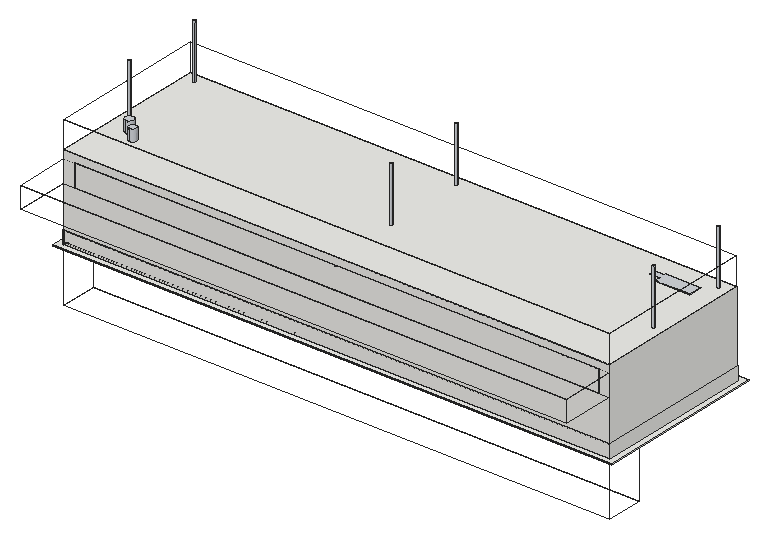
Revit family "AIRTECNICS_AIR CURTAIN_RECESSED DAM_DX-VRF_(MITSUBISHI ELECTRIC)123", category Equipos mecánicos, Revit 2016 (continued)
Types (23, lengths in mm): name | Weight | Product Size | Product Reference | Product Heating | Product Description | Power Fans | Noise Level (dB(A)) | Mainfolds | M | Length | Heating Capacity | Gas Coil Volume | G | External Ut. Reference | Expansion Valve | Dn_Metric_Refrig_Liquid | Dn_Metric_Refrig_Gas | DX VRF | DX Kit | DX Coil Rows = 4 | DX Coil Rows = 3 | DX Coil Rows | DX 1:1 | Current Fans | L | CT | CR | CM | CH | CDX | Apparent Load | Airflow
  RDAM ECG 2000 DX24-ME | 105.00 kg | "2000" | "RDAM ECG 2000 DX24-ME" | "Direct Expansion 1:1 system" | "Compact and low profile recessed air curtain with full grille view and energy savings heat pump: Up to 70% reduction in costs and CO2 emissions (heating mode).\r\nSelf-supporting casing construction made of galvanized steel plate, ready to be installed recessed in a false ceiling. \r\nInlet grille (free of maintenance) made with aluminium profiles and blow-out nozzle, integrated in a single white frame colour RAL 9016. Other colours are available on request. \r\nDouble-inlet centrifugal fans driven by an external rotor motor and low noise level. 5-speed selector. EC models assembled with very low consumption efficiency fans. \r\nIncludes only heating direct expansion coil with installed temperature sensors. Under request it can be modified to work in cooling and heating mode (not recomended) with optional condensate water pump.\r\nPlug&Play control panel CS-5DX-NE slave DX with 5 speeds selector and 7m telephone cable included.\r\nReady to connect to MITSUBISHI ELECTRIC Standard and Power Inverter outdoor heat pump unit (R410A) with expansion valve, not included, the customer should purchase it.\r\nRequires PAC-IF012B-E MITSUBISHI ELECTRIC DX Interface KIT adapted for air curtain and PAR-33MAA programmable control, please consult.\r\nAir Volume: 4380 m3/h \r\nFans:  0,426 kW  3,72 A 230Vx1 50/60Hz\r\nHeating capacity: 23,63 kW\r\nDimensions: 627x310x2048 mm (depth, height, length)\r\nNOT SUPPLIED BY AIRTÈCNICS:\r\nPAC-IF012B-E Interface DX kit and PAR-33MAA programmable control.\r\nExternal unit:\r\n PUHZ-ZRP250YKAExternal unit with direct expansion valve Mitsubishi Electric, triple phase motor 400Vx3 50Hz.\r\nHeating capacity 27kW. Heating power: 8,94kW. COP 3,75.\r\nCooling capacity 22kW. Cooling power 8,31kW. EER 2,65.\r\nCooling circuits 1\" - 1/2\".\r\nMaximum length 100m.\r\nMaximum slope 30m." | 0.426 kW | 63 | "1\" & 1/2" | no | 2048.0 | 23.63 kW | 4.10 L | yes | "PUHZ-ZRP250YKA" | "Included on External Unit" | 15 | 25 | no | "PAC-IF012B-E" | yes | no | 4 | yes | 3.72 A | 2000.0 | 8 | 2 | 12 | 2 | 1 | 852 VA | 4380 m³/h
  RDAM ECG 2000 DX22-ME | 105.00 kg | "2000" | "RDAM ECG 2000 DX22-ME" | "Direct Expansion 1:1 system" | "Compact and low profile recessed air curtain with full grille view and energy savings heat pump: Up to 70% reduction in costs and CO2 emissions (heating mode).\r\nSelf-supporting casing construction made of galvanized steel plate, ready to be installed recessed in a false ceiling. \r\nInlet grille (free of maintenance) made with aluminium profiles and blow-out nozzle, integrated in a single white frame colour RAL 9016. Other colours are available on request. \r\nDouble-inlet centrifugal fans driven by an external rotor motor and low noise level. 5-speed selector. EC models assembled with very low consumption efficiency fans. \r\nIncludes only heating direct expansion coil with installed temperature sensors. Under request it can be modified to work in cooling and heating mode (not recomended) with optional condensate water pump.\r\nPlug&Play control panel CS-5DX-NE slave DX with 5 speeds selector and 7m telephone cable included.\r\nReady to connect to MITSUBISHI ELECTRIC Standard and Power Inverter outdoor heat pump unit (R410A) with expansion valve, not included, the customer should purchase it.\r\nRequires PAC-IF012B-E MITSUBISHI ELECTRIC DX Interface KIT adapted for air curtain and PAR-33MAA programmable control, please consult.\r\nAir Volume: 4380 m3/h \r\nFans:  0,426 kW  3,72 A 230Vx1 50/60Hz\r\nHeating capacity: 22,40 kW\r\nDimensions: 627x310x2048 mm (depth, height, length)\r\nNOT SUPPLIED BY AIRTÈCNICS:\r\nPAC-IF012B-E Interface DX kit and PAR-33MAA programmable control.\r\nExternal unit:\r\n PUHZ-ZRP200YKAExternal unit with direct expansion valve Mitsubishi Electric, triple phase motor 400Vx3 50Hz.\r\nHeating capacity 22,4kW. Heating power: 6,94kW. COP 3,23.\r\nCooling capacity 19kW. Cooling power 6,46kW. EER 2,94.\r\nCooling circuits 1\" - 3/8\".\r\nMaximum length 100m.\r\nMaximum slope 30m." | 0.426 kW | 63 | "1\" & 3/8" | no | 2048.0 | 22.4 kW | 4.10 L | yes | "PUHZ-ZRP200YKA" | "Included on External Unit" | 10 | 25 | no | "PAC-IF012B-E" | yes | no | 4 | yes | 3.72 A | 2000.0 | 8 | 2 | 12 | 2 | 0 | 568 VA | 4380 m³/h
  RDAM ECG 1500 VRF15-ME | 80.00 kg | "1500" | "RDAM ECG 1500 VRF15-ME" | "Direct Expansion VRF system" | "Compact and low profile recessed air curtain with full grille view and energy savings heat pump: Up to 70% reduction in costs and CO2 emissions (heating mode).\r\nSelf-supporting casing construction made of galvanized steel plate, ready to be installed recessed in a false ceiling. \r\nInlet grille (free of maintenance) made with aluminium profiles and blow-out nozzle, integrated in a single white frame colour RAL 9016. Other colours are available on request. \r\nDouble-inlet centrifugal fans driven by an external rotor motor and low noise level. 5-speed selector. EC models assembled with very low consumption efficiency fans. \r\nIncludes only heating direct expansion coil with installed temperature sensors. Under request it can be modified to work in cooling and heating mode (not recomended) with optional condensate water pump.\r\nPlug&Play control panel CS-5DX-NE slave DX with 5 speeds selector and 7m telephone cable included.\r\nReady to connect to MITSUBISHI ELECTRIC VRF outdoor heat pump unit (R410A), not included, the customer should purchase it.\r\nRequires PAC-AH125M-J MITSUBISHI ELECTRIC VRF Interface KIT adapted for air curtain with expansion valve and  PAR-33MAA programmable control, please consult.\r\nAir Volume: 2920 m3/h \r\nFans:  0,284 kW  2,48 A 230Vx1 50/60Hz\r\nHeating capacity: 15,32 kW\r\nDimensions: 627x310x1548 mm (depth, height, length)\r\nNOT SUPPLIED BY AIRTÈCNICS:\r\nPAC-AH125M-J Interface VRF kit and PAR-33MAA programmable control.\r\nExternal unit VRF." | 0.284 kW | 62 | "5/8 & 3/8" | no | 1548.0 | 15.32 kW | 3.00 L | yes | "Not available" | "Included on DX Kit" | 10 | 16 | yes | "PAC-AH125M-J" | yes | no | 4 | no | 2.48 A | 1500.0 | 4 | 2 | 12 | 4 | 0 | 568 VA | 2920 m³/h
  RDAM ECG 1500 VRF13-ME | 80.00 kg | "1500" | "RDAM ECG 1500 VRF13-ME" | "Direct Expansion VRF system" | "Compact and low profile recessed air curtain with full grille view and energy savings heat pump: Up to 70% reduction in costs and CO2 emissions (heating mode).\r\nSelf-supporting casing construction made of galvanized steel plate, ready to be installed recessed in a false ceiling. \r\nInlet grille (free of maintenance) made with aluminium profiles and blow-out nozzle, integrated in a single white frame colour RAL 9016. Other colours are available on request. \r\nDouble-inlet centrifugal fans driven by an external rotor motor and low noise level. 5-speed selector. EC models assembled with very low consumption efficiency fans. \r\nIncludes only heating direct expansion coil with installed temperature sensors. Under request it can be modified to work in cooling and heating mode (not recomended) with optional condensate water pump.\r\nPlug&Play control panel CS-5DX-NE slave DX with 5 speeds selector and 7m telephone cable included.\r\nReady to connect to MITSUBISHI ELECTRIC VRF outdoor heat pump unit (R410A), not included, the customer should purchase it.\r\nRequires PAC-AH125M-J MITSUBISHI ELECTRIC VRF Interface KIT adapted for air curtain with expansion valve and  PAR-33MAA programmable control, please consult.\r\nAir Volume: 2920 m3/h \r\nFans:  0,284 kW  2,48 A 230Vx1 50/60Hz\r\nHeating capacity: 13,11 kW\r\nDimensions: 627x310x1548 mm (depth, height, length)\r\nNOT SUPPLIED BY AIRTÈCNICS:\r\nPAC-AH125M-J Interface VRF kit and PAR-33MAA programmable control.\r\nExternal unit VRF." | 0.284 kW | 62 | "5/8 & 3/8" | no | 1548.0 | 13.11 kW | 2.20 L | yes | "Not available" | "Included on DX Kit" | 10 | 16 | yes | "PAC-AH125M-J" | no | yes | 3 | no | 2.48 A | 1500.0 | 4 | 4 | 12 | 4 | 0 | 568 VA | 2920 m³/h
  RDAM ECG 1500 DX14-ME | 80.00 kg | "1500" | "RDAM ECG 1500 DX14-ME" | "Direct Expansion 1:1 system" | "Compact and low profile recessed air curtain with full grille view and energy savings heat pump: Up to 70% reduction in costs and CO2 emissions (heating mode).\r\nSelf-supporting casing construction made of galvanized steel plate, ready to be installed recessed in a false ceiling. \r\nInlet grille (free of maintenance) made with aluminium profiles and blow-out nozzle, integrated in a single white frame colour RAL 9016. Other colours are available on request. \r\nDouble-inlet centrifugal fans driven by an external rotor motor and low noise level. 5-speed selector. EC models assembled with very low consumption efficiency fans. \r\nIncludes only heating direct expansion coil with installed temperature sensors. Under request it can be modified to work in cooling and heating mode (not recomended) with optional condensate water pump.\r\nPlug&Play control panel CS-5DX-NE slave DX with 5 speeds selector and 7m telephone cable included.\r\nReady to connect to MITSUBISHI ELECTRIC Standard and Power Inverter outdoor heat pump unit (R410A) with expansion valve, not included, the customer should purchase it.\r\nRequires PAC-IF012B-E MITSUBISHI ELECTRIC DX Interface KIT adapted for air curtain and PAR-33MAA programmable control, please consult.\r\nAir Volume: 2920 m3/h \r\nFans:  0,284 kW  2,48 A 230Vx1 50/60Hz\r\nHeating capacity: 14,00 kW\r\nDimensions: 627x310x1548 mm (depth, height, length)\r\nNOT SUPPLIED BY AIRTÈCNICS:\r\nPAC-IF012B-E Interface DX kit and PAR-33MAA programmable control.\r\nExternal unit:\r\nOption 1: PUHZ-ZRP125VKA\r\nExternal unit with direct expansion valve Mitsubishi Electric, single phase motor 230Vx1 50Hz.\r\nHeating capacity 14kW. Heating power: 3,63kW. COP 3,86.\r\nCooling capacity 12,5kW. Cooling power 4,05kW. EER 3,09.\r\nCooling circuits 5/8\" - 3/8\".\r\nMaximum length 75m.\r\nMaximum slope 30m.\r\nOption 2: PUHZ-ZRP125YKA\r\nExternal unit with direct expansion valve Mitsubishi Electric, triple phase motor 400Vx3 50Hz.\r\nHeating capacity 14kW. Heating power: 3,63kW. COP 3,86.\r\nCooling capacity 12,5kW. Cooling power 4,05kW. EER 3,09.\r\nCooling circuits 5/8\" - 3/8\".\r\nMaximum length 75m.\r\nMaximum slope 30m." | 0.284 kW | 62 | "5/8 & 3/8" | no | 1548.0 | 14 kW | 3.00 L | yes | "PUHZ-ZRP125YKA" | "Included on External Unit" | 10 | 16 | no | "PAC-IF012B-E" | yes | no | 4 | yes | 2.48 A | 1500.0 | 4 | 2 | 12 | 2 | 0 | 568 VA | 2920 m³/h
  RDAM ECG 1000 VRF10-ME | 55.00 kg | "1000" | "RDAM ECG 1000 VRF10-ME" | "Direct Expansion VRF system" | "Compact and low profile recessed air curtain with full grille view and energy savings heat pump: Up to 70% reduction in costs and CO2 emissions (heating mode).\r\nSelf-supporting casing construction made of galvanized steel plate, ready to be installed recessed in a false ceiling. \r\nInlet grille (free of maintenance) made with aluminium profiles and blow-out nozzle, integrated in a single white frame colour RAL 9016. Other colours are available on request. \r\nDouble-inlet centrifugal fans driven by an external rotor motor and low noise level. 5-speed selector. EC models assembled with very low consumption efficiency fans. \r\nIncludes only heating direct expansion coil with installed temperature sensors. Under request it can be modified to work in cooling and heating mode (not recomended) with optional condensate water pump.\r\nPlug&Play control panel CS-5DX-NE slave DX with 5 speeds selector and 7m telephone cable included.\r\nReady to connect to MITSUBISHI ELECTRIC VRF outdoor heat pump unit (R410A), not included, the customer should purchase it.\r\nRequires PAC-AH125M-J MITSUBISHI ELECTRIC VRF Interface KIT adapted for air curtain with expansion valve and  PAR-33MAA programmable control, please consult.\r\nAir Volume: 2190 m3/h \r\nFans:  0,213 kW  1,86 A 230Vx1 50/60Hz\r\nHeating capacity: 9,70 kW\r\nDimensions: 627x310x1048 mm (depth, height, length)\r\nNOT SUPPLIED BY AIRTÈCNICS:\r\nPAC-AH125M-J Interface VRF kit and PAR-33MAA programmable control.\r\nExternal unit VRF." | 0.213 kW | 61 | "5/8 & 3/8" | no | 1048.0 | 9.7 kW | 1.80 L | yes | "Not available" | "Included on DX Kit" | 10 | 16 | yes | "PAC-AH125M-J" | yes | no | 4 | no | 1.86 A | 1000.0 | 2 | 2 | 12 | 4 | 0 | 426 VA | 2190 m³/h
  RDAM ECG 1000 DX10-ME | 55.00 kg | "1000" | "RDAM ECG 1000 DX10-ME" | "Direct Expansion 1:1 system" | "Compact and low profile recessed air curtain with full grille view and energy savings heat pump: Up to 70% reduction in costs and CO2 emissions (heating mode).\r\nSelf-supporting casing construction made of galvanized steel plate, ready to be installed recessed in a false ceiling. \r\nInlet grille (free of maintenance) made with aluminium profiles and blow-out nozzle, integrated in a single white frame colour RAL 9016. Other colours are available on request. \r\nDouble-inlet centrifugal fans driven by an external rotor motor and low noise level. 5-speed selector. EC models assembled with very low consumption efficiency fans. \r\nIncludes only heating direct expansion coil with installed temperature sensors. Under request it can be modified to work in cooling and heating mode (not recomended) with optional condensate water pump.\r\nPlug&Play control panel CS-5DX-NE slave DX with 5 speeds selector and 7m telephone cable included.\r\nReady to connect to MITSUBISHI ELECTRIC Standard and Power Inverter outdoor heat pump unit (R410A) with expansion valve, not included, the customer should purchase it.\r\nRequires PAC-IF012B-E MITSUBISHI ELECTRIC DX Interface KIT adapted for air curtain and PAR-33MAA programmable control, please consult.\r\nAir Volume: 2190 m3/h \r\nFans:  0,213 kW  1,86 A 230Vx1 50/60Hz\r\nHeating capacity: 9,70 kW\r\nDimensions: 627x310x1048 mm (depth, height, length)\r\nNOT SUPPLIED BY AIRTÈCNICS:\r\nPAC-IF012B-E Interface DX kit and PAR-33MAA programmable control.\r\nExternal unit:\r\nOption 1: PUHZ-ZRP100VKA\r\nExternal unit with direct expansion valve Mitsubishi Electric, single phase motor 230Vx1 50Hz.\r\nHeating capacity 11,2kW. Heating power: 2,06kW. SCOP 4,2.\r\nCooling capacity 10kW. Cooling power 2,63kW. SEER 5,6.\r\nCooling circuits 5/8\" - 3/8\".\r\nMaximum length 75m.\r\nMaximum slope 30m.\r\nOption 2: PUHZ-ZRP100YKA\r\nExternal unit with direct expansion valve Mitsubishi Electric, triple phase motor 400Vx3 50Hz.\r\nHeating capacity 11,2kW. Heating power: 2,06kW. SCOP 4,2.\r\nCooling capacity 10kW. Cooling power 2,63kW. SEER 5,5.\r\nCooling circuits 5/8\" - 3/8\".\r\nMaximum length 75m.\r\nMaximum slope 30m." | 0.213 kW | 61 | "5/8 & 3/8" | no | 1048.0 | 9.7 kW | 1.80 L | yes | "PUHZ-ZRP100YKA" | "Included on External Unit" | 10 | 16 | no | "PAC-IF012B-E" | yes | no | 4 | yes | 1.86 A | 1000.0 | 2 | 2 | 12 | 2 | 0 | 426 VA | 2190 m³/h
  RDAM ECM 2500 VRF24-ME | 106.00 kg | "2500" | "RDAM ECM 2500 VRF24-ME" | "Direct Expansion VRF system" | "Compact and low profile recessed air curtain with full grille view and energy savings heat pump: Up to 70% reduction in costs and CO2 emissions (heating mode).\r\nSelf-supporting casing construction made of galvanized steel plate, ready to be installed recessed in a false ceiling. \r\nInlet grille (free of maintenance) made with aluminium profiles and blow-out nozzle, integrated in a single white frame colour RAL 9016. Other colours are available on request. \r\nDouble-inlet centrifugal fans driven by an external rotor motor and low noise level. 5-speed selector. EC models assembled with very low consumption efficiency fans. \r\nIncludes only heating direct expansion coil with installed temperature sensors. Under request it can be modified to work in cooling and heating mode (not recomended) with optional condensate water pump.\r\nPlug&Play control panel CS-5DX-NE slave DX with 5 speeds selector and 7m telephone cable included.\r\nReady to connect to MITSUBISHI ELECTRIC VRF outdoor heat pump unit (R410A), not included, the customer should purchase it.\r\nRequires PAC-AH250M-J MITSUBISHI ELECTRIC VRF Interface KIT adapted for air curtain with expansion valve and  PAR-33MAA programmable control, please consult.\r\nAir Volume: 4100 m3/h \r\nFans:  0,355 kW  3,1 A 230Vx1 50/60Hz\r\nHeating capacity: 24,38 kW\r\nDimensions: 627x310x2548 mm (depth, height, length)\r\nNOT SUPPLIED BY AIRTÈCNICS:\r\nPAC-AH250M-J Interface VRF kit and PAR-33MAA programmable control.\r\nExternal unit VRF." | 0.355 kW | 59 | "1\" & 1/2" | yes | 2548.0 | 24.38 kW | 5.30 L | no | "Not available" | "Included on DX Kit" | 15 | 25 | yes | "PAC-AH250M-J" | yes | no | 4 | no | 3.1 A | 2500.0 | 16 | 2 | 6 | 4 | 0 | 710 VA | 4100 m³/h
  RDAM ECM 2500 VRF21-ME | 106.00 kg | "2500" | "RDAM ECM 2500 VRF21-ME" | "Direct Expansion VRF system" | "Compact and low profile recessed air curtain with full grille view and energy savings heat pump: Up to 70% reduction in costs and CO2 emissions (heating mode).\r\nSelf-supporting casing construction made of galvanized steel plate, ready to be installed recessed in a false ceiling. \r\nInlet grille (free of maintenance) made with aluminium profiles and blow-out nozzle, integrated in a single white frame colour RAL 9016. Other colours are available on request. \r\nDouble-inlet centrifugal fans driven by an external rotor motor and low noise level. 5-speed selector. EC models assembled with very low consumption efficiency fans. \r\nIncludes only heating direct expansion coil with installed temperature sensors. Under request it can be modified to work in cooling and heating mode (not recomended) with optional condensate water pump.\r\nPlug&Play control panel CS-5DX-NE slave DX with 5 speeds selector and 7m telephone cable included.\r\nReady to connect to MITSUBISHI ELECTRIC VRF outdoor heat pump unit (R410A), not included, the customer should purchase it.\r\nRequires PAC-AH250M-J MITSUBISHI ELECTRIC VRF Interface KIT adapted for air curtain with expansion valve and  PAR-33MAA programmable control, please consult.\r\nAir Volume: 4100 m3/h \r\nFans:  0,355 kW  3,1 A 230Vx1 50/60Hz\r\nHeating capacity: 21,20 kW\r\nDimensions: 627x310x2548 mm (depth, height, length)\r\nNOT SUPPLIED BY AIRTÈCNICS:\r\nPAC-AH250M-J Interface VRF kit and PAR-33MAA programmable control.\r\nExternal unit VRF." | 0.355 kW | 59 | "1\" & 3/8" | yes | 2548.0 | 21.2 kW | 3.90 L | no | "Not available" | "Included on DX Kit" | 10 | 25 | yes | "PAC-AH250M-J" | no | yes | 3 | no | 3.1 A | 2500.0 | 16 | 4 | 6 | 4 | 0 | 710 VA | 4100 m³/h
  RDAM ECM 2500 DX24-ME | 106.00 kg | "2500" | "RDAM ECM 2500 DX24-ME" | "Direct Expansion 1:1 system" | "Compact and low profile recessed air curtain with full grille view and energy savings heat pump: Up to 70% reduction in costs and CO2 emissions (heating mode).\r\nSelf-supporting casing construction made of galvanized steel plate, ready to be installed recessed in a false ceiling. \r\nInlet grille (free of maintenance) made with aluminium profiles and blow-out nozzle, integrated in a single white frame colour RAL 9016. Other colours are available on request. \r\nDouble-inlet centrifugal fans driven by an external rotor motor and low noise level. 5-speed selector. EC models assembled with very low consumption efficiency fans. \r\nIncludes only heating direct expansion coil with installed temperature sensors. Under request it can be modified to work in cooling and heating mode (not recomended) with optional condensate water pump.\r\nPlug&Play control panel CS-5DX-NE slave DX with 5 speeds selector and 7m telephone cable included.\r\nReady to connect to MITSUBISHI ELECTRIC Standard and Power Inverter outdoor heat pump unit (R410A) with expansion valve, not included, the customer should purchase it.\r\nRequires PAC-IF012B-E MITSUBISHI ELECTRIC DX Interface KIT adapted for air curtain and PAR-33MAA programmable control, please consult.\r\nAir Volume: 4100 m3/h \r\nFans:  0,355 kW  3,1 A 230Vx1 50/60Hz\r\nHeating capacity: 24,38 kW\r\nDimensions: 627x310x2548 mm (depth, height, length)\r\nNOT SUPPLIED BY AIRTÈCNICS:\r\nPAC-IF012B-E Interface DX kit and PAR-33MAA programmable control.\r\nExternal unit:\r\n PUHZ-ZRP250YKAExternal unit with direct expansion valve Mitsubishi Electric, triple phase motor 400Vx3 50Hz.\r\nHeating capacity 27kW. Heating power: 8,94kW. COP 3,75.\r\nCooling capacity 22kW. Cooling power 8,31kW. EER 2,65.\r\nCooling circuits 1\" - 1/2\".\r\nMaximum length 100m.\r\nMaximum slope 30m." | 0.355 kW | 59 | "1\" & 1/2" | yes | 2548.0 | 24.38 kW | 5.30 L | no | "PUHZ-ZRP250YKA" | "Included on External Unit" | 15 | 25 | no | "PAC-IF012B-E" | yes | no | 4 | yes | 3.1 A | 2500.0 | 16 | 2 | 6 | 2 | 1 | 710 VA | 4100 m³/h
  RDAM ECM 2500 DX22-ME | 106.00 kg | "2500" | "RDAM ECM 2500 DX22-ME" | "Direct Expansion 1:1 system" | "Compact and low profile recessed air curtain with full grille view and energy savings heat pump: Up to 70% reduction in costs and CO2 emissions (heating mode).\r\nSelf-supporting casing construction made of galvanized steel plate, ready to be installed recessed in a false ceiling. \r\nInlet grille (free of maintenance) made with aluminium profiles and blow-out nozzle, integrated in a single white frame colour RAL 9016. Other colours are available on request. \r\nDouble-inlet centrifugal fans driven by an external rotor motor and low noise level. 5-speed selector. EC models assembled with very low consumption efficiency fans. \r\nIncludes only heating direct expansion coil with installed temperature sensors. Under request it can be modified to work in cooling and heating mode (not recomended) with optional condensate water pump.\r\nPlug&Play control panel CS-5DX-NE slave DX with 5 speeds selector and 7m telephone cable included.\r\nReady to connect to MITSUBISHI ELECTRIC Standard and Power Inverter outdoor heat pump unit (R410A) with expansion valve, not included, the customer should purchase it.\r\nRequires PAC-IF012B-E MITSUBISHI ELECTRIC DX Interface KIT adapted for air curtain and PAR-33MAA programmable control, please consult.\r\nAir Volume: 4100 m3/h \r\nFans:  0,355 kW  3,1 A 230Vx1 50/60Hz\r\nHeating capacity: 22,40 kW\r\nDimensions: 627x310x2548 mm (depth, height, length)\r\nNOT SUPPLIED BY AIRTÈCNICS:\r\nPAC-IF012B-E Interface DX kit and PAR-33MAA programmable control.\r\nExternal unit:\r\n PUHZ-ZRP200YKAExternal unit with direct expansion valve Mitsubishi Electric, triple phase motor 400Vx3 50Hz.\r\nHeating capacity 22,4kW. Heating power: 6,94kW. COP 3,23.\r\nCooling capacity 19kW. Cooling power 6,46kW. EER 2,94.\r\nCooling circuits 1\" - 3/8\".\r\nMaximum length 100m.\r\nMaximum slope 30m." | 0.355 kW | 59 | "1\" & 3/8" | yes | 2548.0 | 22.4 kW | 5.30 L | no | "PUHZ-ZRP200YKA" | "Included on External Unit" | 10 | 25 | no | "PAC-IF012B-E" | yes | no | 4 | yes | 3.1 A | 2500.0 | 16 | 2 | 6 | 2 | 0 | 710 VA | 4100 m³/h
  RDAM ECM 2000 VRF19-ME | 95.00 kg | "2000" | "RDAM ECM 2000 VRF19-ME" | "Direct Expansion VRF system" | "Compact and low profile recessed air curtain with full grille view and energy savings heat pump: Up to 70% reduction in costs and CO2 emissions (heating mode).\r\nSelf-supporting casing construction made of galvanized steel plate, ready to be installed recessed in a false ceiling. \r\nInlet grille (free of maintenance) made with aluminium profiles and blow-out nozzle, integrated in a single white frame colour RAL 9016. Other colours are available on request. \r\nDouble-inlet centrifugal fans driven by an external rotor motor and low noise level. 5-speed selector. EC models assembled with very low consumption efficiency fans. \r\nIncludes only heating direct expansion coil with installed temperature sensors. Under request it can be modified to work in cooling and heating mode (not recomended) with optional condensate water pump.\r\nPlug&Play control panel CS-5DX-NE slave DX with 5 speeds selector and 7m telephone cable included.\r\nReady to connect to MITSUBISHI ELECTRIC VRF outdoor heat pump unit (R410A), not included, the customer should purchase it.\r\nRequires PAC-AH250M-J MITSUBISHI ELECTRIC VRF Interface KIT adapted for air curtain with expansion valve and  PAR-33MAA programmable control, please consult.\r\nAir Volume: 3280 m3/h \r\nFans:  0,284 kW  2,48 A 230Vx1 50/60Hz\r\nHeating capacity: 18,96 kW\r\nDimensions: 627x310x2048 mm (depth, height, length)\r\nNOT SUPPLIED BY AIRTÈCNICS:\r\nPAC-AH250M-J Interface VRF kit and PAR-33MAA programmable control.\r\nExternal unit VRF." | 0.284 kW | 58 | "1\" & 3/8" | yes | 2048.0 | 18.96 kW | 4.10 L | no | "Not available" | "Included on DX Kit" | 10 | 25 | yes | "PAC-AH250M-J" | yes | no | 4 | no | 2.48 A | 2000.0 | 8 | 2 | 6 | 4 | 0 | 568 VA | 3280 m³/h
  RDAM ECM 2000 VRF16-ME | 95.00 kg | "2000" | "RDAM ECM 2000 VRF16-ME" | "Direct Expansion VRF system" | "Compact and low profile recessed air curtain with full grille view and energy savings heat pump: Up to 70% reduction in costs and CO2 emissions (heating mode).\r\nSelf-supporting casing construction made of galvanized steel plate, ready to be installed recessed in a false ceiling. \r\nInlet grille (free of maintenance) made with aluminium profiles and blow-out nozzle, integrated in a single white frame colour RAL 9016. Other colours are available on request. \r\nDouble-inlet centrifugal fans driven by an external rotor motor and low noise level. 5-speed selector. EC models assembled with very low consumption efficiency fans. \r\nIncludes only heating direct expansion coil with installed temperature sensors. Under request it can be modified to work in cooling and heating mode (not recomended) with optional condensate water pump.\r\nPlug&Play control panel CS-5DX-NE slave DX with 5 speeds selector and 7m telephone cable included.\r\nReady to connect to MITSUBISHI ELECTRIC VRF outdoor heat pump unit (R410A), not included, the customer should purchase it.\r\nRequires PAC-AH125M-J MITSUBISHI ELECTRIC VRF Interface KIT adapted for air curtain with expansion valve and  PAR-33MAA programmable control, please consult.\r\nAir Volume: 3280 m3/h \r\nFans:  0,284 kW  2,48 A 230Vx1 50/60Hz\r\nHeating capacity: 16,44 kW\r\nDimensions: 627x310x2048 mm (depth, height, length)\r\nNOT SUPPLIED BY AIRTÈCNICS:\r\nPAC-AH125M-J Interface VRF kit and PAR-33MAA programmable control.\r\nExternal unit VRF." | 0.284 kW | 58 | "5/8 & 3/8" | yes | 2048.0 | 16.44 kW | 3.10 L | no | "Not available" | "Included on DX Kit" | 10 | 16 | yes | "PAC-AH125M-J" | no | yes | 3 | no | 2.48 A | 2000.0 | 8 | 4 | 6 | 4 | 0 | 568 VA | 3280 m³/h
  RDAM ECM 2000 DX16-ME | 95.00 kg | "2000" | "RDAM ECM 2000 DX16-ME" | "Direct Expansion 1:1 system" | "Compact and low profile recessed air curtain with full grille view and energy savings heat pump: Up to 70% reduction in costs and CO2 emissions (heating mode).\r\nSelf-supporting casing construction made of galvanized steel plate, ready to be installed recessed in a false ceiling. \r\nInlet grille (free of maintenance) made with aluminium profiles and blow-out nozzle, integrated in a single white frame colour RAL 9016. Other colours are available on request. \r\nDouble-inlet centrifugal fans driven by an external rotor motor and low noise level. 5-speed selector. EC models assembled with very low consumption efficiency fans. \r\nIncludes only heating direct expansion coil with installed temperature sensors. Under request it can be modified to work in cooling and heating mode (not recomended) with optional condensate water pump.\r\nPlug&Play control panel CS-5DX-NE slave DX with 5 speeds selector and 7m telephone cable included.\r\nReady to connect to MITSUBISHI ELECTRIC Standard and Power Inverter outdoor heat pump unit (R410A) with expansion valve, not included, the customer should purchase it.\r\nRequires PAC-IF012B-E MITSUBISHI ELECTRIC DX Interface KIT adapted for air curtain and PAR-33MAA programmable control, please consult.\r\nAir Volume: 3280 m3/h \r\nFans:  0,284 kW  2,48 A 230Vx1 50/60Hz\r\nHeating capacity: 16,00 kW\r\nDimensions: 627x310x2048 mm (depth, height, length)\r\nNOT SUPPLIED BY AIRTÈCNICS:\r\nPAC-IF012B-E Interface DX kit and PAR-33MAA programmable control.\r\nExternal unit:\r\nOption 1: PUHZ-ZRP140VKA\r\nExternal unit with direct expansion valve Mitsubishi Electric, single phase motor 230Vx1 50Hz.\r\nHeating capacity 16kW. Heating power: 4,2kW. COP 3,81.\r\nCooling capacity 13,4kW. Cooling power 4,36kW. EER 3,07.\r\nCooling circuits 5/8\" - 3/8\".\r\nMaximum length 75m.\r\nMaximum slope 30m.\r\nOption 2: PUHZ-ZRP140YKA\r\nExternal unit with direct expansion valve Mitsubishi Electric, triple phase motor 400Vx3 50Hz.\r\nHeating capacity 16kW. Heating power: 4,2kW. COP 3,81.\r\nCooling capacity 13,4kW. Cooling power 4,36kW. EER 3,07.\r\nCooling circuits 5/8\" - 3/8\".\r\nMaximum length 75m.\r\nMaximum slope 30m." | 0.284 kW | 58 | "5/8 & 3/8" | yes | 2048.0 | 16 kW | 3.10 L | no | "PUHZ-ZRP140YKA" | "Included on External Unit" | 10 | 16 | no | "PAC-IF012B-E" | no | yes | 3 | yes | 2.48 A | 2000.0 | 8 | 4 | 6 | 2 | 0 | 568 VA | 3280 m³/h
  RDAM ECM 1500 VRF12-ME | 74.00 kg | "1500" | "RDAM ECM 1500 VRF12-ME" | "Direct Expansion VRF system" | "Compact and low profile recessed air curtain with full grille view and energy savings heat pump: Up to 70% reduction in costs and CO2 emissions (heating mode).\r\nSelf-supporting casing construction made of galvanized steel plate, ready to be installed recessed in a false ceiling. \r\nInlet grille (free of maintenance) made with aluminium profiles and blow-out nozzle, integrated in a single white frame colour RAL 9016. Other colours are available on request. \r\nDouble-inlet centrifugal fans driven by an external rotor motor and low noise level. 5-speed selector. EC models assembled with very low consumption efficiency fans. \r\nIncludes only heating direct expansion coil with installed temperature sensors. Under request it can be modified to work in cooling and heating mode (not recomended) with optional condensate water pump.\r\nPlug&Play control panel CS-5DX-NE slave DX with 5 speeds selector and 7m telephone cable included.\r\nReady to connect to MITSUBISHI ELECTRIC VRF outdoor heat pump unit (R410A), not included, the customer should purchase it.\r\nRequires PAC-AH125M-J MITSUBISHI ELECTRIC VRF Interface KIT adapted for air curtain with expansion valve and  PAR-33MAA programmable control, please consult.\r\nAir Volume: 2460 m3/h \r\nFans:  0,213 kW  1,86 A 230Vx1 50/60Hz\r\nHeating capacity: 11,61 kW\r\nDimensions: 627x310x1548 mm (depth, height, length)\r\nNOT SUPPLIED BY AIRTÈCNICS:\r\nPAC-AH125M-J Interface VRF kit and PAR-33MAA programmable control.\r\nExternal unit VRF." | 0.213 kW | 57 | "5/8 & 3/8" | yes | 1548.0 | 11.61 kW | 2.20 L | no | "Not available" | "Included on DX Kit" | 10 | 16 | yes | "PAC-AH125M-J" | no | yes | 3 | no | 1.86 A | 1500.0 | 4 | 4 | 6 | 4 | 0 | 426 VA | 2460 m³/h
  RDAM ECM 1500 DX13-ME | 74.00 kg | "1500" | "RDAM ECM 1500 DX13-ME" | "Direct Expansion 1:1 system" | "Compact and low profile recessed air curtain with full grille view and energy savings heat pump: Up to 70% reduction in costs and CO2 emissions (heating mode).\r\nSelf-supporting casing construction made of galvanized steel plate, ready to be installed recessed in a false ceiling. \r\nInlet grille (free of maintenance) made with aluminium profiles and blow-out nozzle, integrated in a single white frame colour RAL 9016. Other colours are available on request. \r\nDouble-inlet centrifugal fans driven by an external rotor motor and low noise level. 5-speed selector. EC models assembled with very low consumption efficiency fans. \r\nIncludes only heating direct expansion coil with installed temperature sensors. Under request it can be modified to work in cooling and heating mode (not recomended) with optional condensate water pump.\r\nPlug&Play control panel CS-5DX-NE slave DX with 5 speeds selector and 7m telephone cable included.\r\nReady to connect to MITSUBISHI ELECTRIC Standard and Power Inverter outdoor heat pump unit (R410A) with expansion valve, not included, the customer should purchase it.\r\nRequires PAC-IF012B-E MITSUBISHI ELECTRIC DX Interface KIT adapted for air curtain and PAR-33MAA programmable control, please consult.\r\nAir Volume: 2460 m3/h \r\nFans:  0,213 kW  1,86 A 230Vx1 50/60Hz\r\nHeating capacity: 13,47 kW\r\nDimensions: 627x310x1548 mm (depth, height, length)\r\nNOT SUPPLIED BY AIRTÈCNICS:\r\nPAC-IF012B-E Interface DX kit and PAR-33MAA programmable control.\r\nExternal unit:\r\nOption 1: PUHZ-ZRP125VKA\r\nExternal unit with direct expansion valve Mitsubishi Electric, single phase motor 230Vx1 50Hz.\r\nHeating capacity 14kW. Heating power: 3,63kW. COP 3,86.\r\nCooling capacity 12,5kW. Cooling power 4,05kW. EER 3,09.\r\nCooling circuits 5/8\" - 3/8\".\r\nMaximum length 75m.\r\nMaximum slope 30m.\r\nOption 2: PUHZ-ZRP125YKA\r\nExternal unit with direct expansion valve Mitsubishi Electric, triple phase motor 400Vx3 50Hz.\r\nHeating capacity 14kW. Heating power: 3,63kW. COP 3,86.\r\nCooling capacity 12,5kW. Cooling power 4,05kW. EER 3,09.\r\nCooling circuits 5/8\" - 3/8\".\r\nMaximum length 75m.\r\nMaximum slope 30m." | 0.213 kW | 57 | "5/8 & 3/8" | yes | 1548.0 | 13.47 kW | 3.00 L | no | "PUHZ-ZRP125YKA" | "Included on External Unit" | 10 | 16 | no | "PAC-IF012B-E" | yes | no | 4 | yes | 1.86 A | 1500.0 | 4 | 2 | 6 | 2 | 0 | 426 VA | 2460 m³/h
  RDAM ECM 1500 DX11-ME | 74.00 kg | "1500" | "RDAM ECM 1500 DX11-ME" | "Direct Expansion 1:1 system" | "Compact and low profile recessed air curtain with full grille view and energy savings heat pump: Up to 70% reduction in costs and CO2 emissions (heating mode).\r\nSelf-supporting casing construction made of galvanized steel plate, ready to be installed recessed in a false ceiling. \r\nInlet grille (free of maintenance) made with aluminium profiles and blow-out nozzle, integrated in a single white frame colour RAL 9016. Other colours are available on request. \r\nDouble-inlet centrifugal fans driven by an external rotor motor and low noise level. 5-speed selector. EC models assembled with very low consumption efficiency fans. \r\nIncludes only heating direct expansion coil with installed temperature sensors. Under request it can be modified to work in cooling and heating mode (not recomended) with optional condensate water pump.\r\nPlug&Play control panel CS-5DX-NE slave DX with 5 speeds selector and 7m telephone cable included.\r\nReady to connect to MITSUBISHI ELECTRIC Standard and Power Inverter outdoor heat pump unit (R410A) with expansion valve, not included, the customer should purchase it.\r\nRequires PAC-IF012B-E MITSUBISHI ELECTRIC DX Interface KIT adapted for air curtain and PAR-33MAA programmable control, please consult.\r\nAir Volume: 2460 m3/h \r\nFans:  0,213 kW  1,86 A 230Vx1 50/60Hz\r\nHeating capacity: 11,2 kW\r\nDimensions: 627x310x1548 mm (depth, height, length)\r\nNOT SUPPLIED BY AIRTÈCNICS:\r\nPAC-IF012B-E Interface DX kit and PAR-33MAA programmable control.\r\nExternal unit:\r\nOption 1: PUHZ-ZRP100VKA\r\nExternal unit with direct expansion valve Mitsubishi Electric, single phase motor 230Vx1 50Hz.\r\nHeating capacity 11,2kW. Heating power: 2,06kW. SCOP 4,2.\r\nCooling capacity 10kW. Cooling power 2,63kW. SEER 5,6.\r\nCooling circuits 5/8\" - 3/8\".\r\nMaximum length 75m.\r\nMaximum slope 30m.\r\nOption 2: PUHZ-ZRP100YKA\r\nExternal unit with direct expansion valve Mitsubishi Electric, triple phase motor 400Vx3 50Hz.\r\nHeating capacity 11,2kW. Heating power: 2,06kW. SCOP 4,2.\r\nCooling capacity 10kW. Cooling power 2,63kW. SEER 5,5.\r\nCooling circuits 5/8\" - 3/8\".\r\nMaximum length 75m.\r\nMaximum slope 30m." | 0.213 kW | 57 | "5/8 & 3/8" | yes | 1548.0 | 11.2 kW | 2.20 L | no | "PUHZ-ZRP100YKA" | "Included on External Unit" | 10 | 16 | no | "PAC-IF012B-E" | no | yes | 3 | yes | 1.86 A | 1500.0 | 4 | 4 | 6 | 2 | 0 | 426 VA | 2460 m³/h
  RDAM ECM 1000 DX8-ME | 50.00 kg | "1000" | "RDAM ECM 1000 DX8-ME" | "Direct Expansion 1:1 system" | "Compact and low profile recessed air curtain with full grille view and energy savings heat pump: Up to 70% reduction in costs and CO2 emissions (heating mode).\r\nSelf-supporting casing construction made of galvanized steel plate, ready to be installed recessed in a false ceiling. \r\nInlet grille (free of maintenance) made with aluminium profiles and blow-out nozzle, integrated in a single white frame colour RAL 9016. Other colours are available on request. \r\nDouble-inlet centrifugal fans driven by an external rotor motor and low noise level. 5-speed selector. EC models assembled with very low consumption efficiency fans. \r\nIncludes only heating direct expansion coil with installed temperature sensors. Under request it can be modified to work in cooling and heating mode (not recomended) with optional condensate water pump.\r\nPlug&Play control panel CS-5DX-NE slave DX with 5 speeds selector and 7m telephone cable included.\r\nReady to connect to MITSUBISHI ELECTRIC Standard and Power Inverter outdoor heat pump unit (R410A) with expansion valve, not included, the customer should purchase it.\r\nRequires PAC-IF012B-E MITSUBISHI ELECTRIC DX Interface KIT adapted for air curtain and PAR-33MAA programmable control, please consult.\r\nAir Volume: 1640 m3/h \r\nFans:  0,142 kW  1,24 A 230Vx1 50/60Hz\r\nHeating capacity: 7,90 kW\r\nDimensions: 627x310x1048 mm (depth, height, length)\r\nNOT SUPPLIED BY AIRTÈCNICS:\r\nPAC-IF012B-E Interface DX kit and PAR-33MAA programmable control.\r\nExternal unit:\r\n PUHZ-ZRP71VHA\r\nExternal unit with direct expansion valve Mitsubishi Electric, single phase motor 230Vx1 50Hz.\r\nHeating capacity 8kW. Heating power: 2,03kW. SCOP 3,9.\r\nCooling capacity 7,1kW. Cooling power 2,01kW. SEER 5,6.\r\nCooling circuits 5/8\" - 3/8\".\r\nMaximum length 50m.\r\nMaximum slope 30m." | 0.142 kW | 56 | "5/8 & 3/8" | yes | 1048.0 | 7.9 kW | 1.80 L | no | "Only Single Phase" | "Included on External Unit" | 10 | 16 | no | "PAC-IF012B-E" | yes | no | 4 | yes | 1.24 A | 1000.0 | 2 | 2 | 6 | 2 | 0 | 284 VA | 1640 m³/h
